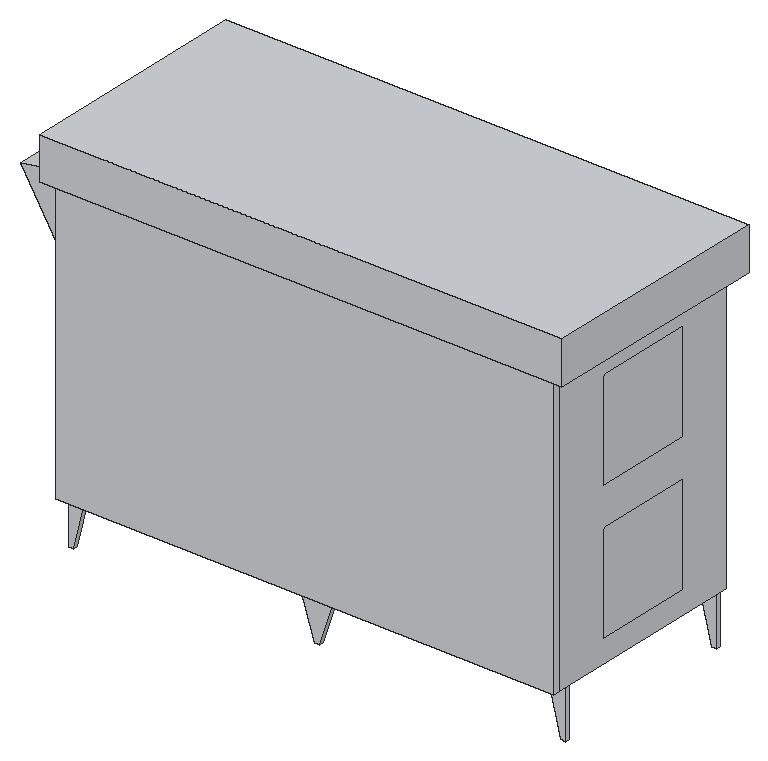
Revit family "AHU 3 _3", category Mechanické zařízení, Revit 2018
Family settings
  Kóta kulaté spojky = Použít průměr
  Typ dílu = Normální
  Číslo OmniClass = 23.75.00.00
  Nadpis OmniClass = Climate Control (HVAC)
  Založené na pracovní rovině = Ne
  Vždy vertikální = Ano
  Ořezat dutým tvarem při načtení = Ne
  Sdílené = Ne
  Bod výpočtu místnosti = Ne
Parameters (values of type "DUPLEXVENT 2500 Rotary-N")
  Width [instance] = 0.88 mm
  Weight [instance] = 361.00 kg
  URL = ""
  Type [instance] = "DUPLEXVENT 2500 Rotary-N"
  Total_SFP [instance] = 0
  Supply_outlet_hum [instance] = 90
  Supply_inlet_hum [instance] = 90
  Supply_ext_pressure [instance] = 0.0 Pa
  Supply_SFP [instance] = 0
  Source_adu_file [instance] = ""
  Recuperation_type [instance] = "Rotation regeneration exchanger"
  Recuperation_efficiency_EN308 [instance] = 0
  Project_name [instance] = ""
  Project_date [instance] = "10.8.2023"
  Power_supply_fusing [instance] = "0"
  Power_supply_cable [instance] = "0"
  Position [instance] = "AHU 3 "
  Phases_count [instance] = 1
  Panel_thickness [instance] = 0.06 mm
  Outer_surface [instance] = "RAL 9002"
  Length [instance] = 2.03 mm
  Insulation_type [instance] = "PUR"
  Insulation_thickness [instance] = 0.05 mm
  Installation_environment [instance] = ""
  Input_power_max [instance] = 1560 W
  Inner_surface [instance] = "Pozink"
  I2 [instance] = I1  # 0.0 L/s
  Height [instance] = 1.15 mm
  Exhaust_outlet_hum [instance] = 40
  Exhaust_inlet_hum [instance] = 40
  Exhaust_ext_pressure [instance] = 0.0 Pa
  Exhaust_SFP [instance] = 0
  E1 [instance] = E2 - M1  # 0.0 L/s
  E2 [instance] = 0.0 L/s
  I1 [instance] = 0.0 L/s
  Description = ""
  M1 [instance] = 0.0 L/s
  Device_dutypoint_version [instance] = "0"
  Device_design_version [instance] = "9"
  Device_adu_id [instance] = "3"
  Current_max [instance] = 7.8 A
  Casing_mat [instance] = "painted zinc layer"
  Cable type [instance] = "CYKY 3Jx2,5"
Reference planes
  plane 1 "Střed (vpředu/vzadu)": y = 0
  plane 2 "ref": z = 0
  plane 3 "Střed (vlevo/vpravo)": x = 0
Forms (mm)
  Sweep 1, solid
    path origin (0, 0, 0) x (0, 0, 1) y (1, 0, 0)
      loop
        line (0, 0) -> (1150, 0)
    profile origin (0, 0, 0) x (1, 0, 0) y (0, 1, 0)
      loop
        line (0, 0) -> (700, 0) -> (700, 850) -> (0, 850) -> (0, 0)
  Sweep 2, solid
    path origin (0, 0, 0) x (0, 0, 1) y (1, 0, 0)
      loop
        line (0, 0) -> (1150, 0)
    profile origin (0, 0, 0) x (1, 0, 0) y (0, 1, 0)
      loop
        line (700, 0) -> (1030, 0) -> (1030, 850) -> (700, 850) -> (700, 0)
  Sweep 3, solid
    path origin (0, 0, 0) x (0, 0, 1) y (1, 0, 0)
      loop
        line (0, 0) -> (1150, 0)
    profile origin (0, 0, 0) x (1, 0, 0) y (0, 1, 0)
      loop
        line (1030, 0) -> (2030, 0) -> (2030, 850) -> (1030, 850) -> (1030, 0)
  Sweep 4, solid
    path origin (0, 0, 1150) x (0, 0, 1) y (1, 0, 0)
      loop
        line (0, 0) -> (175, 0)
    profile origin (0, 0, 1150) x (1, 0, 0) y (0, 1, 0)
      loop
        line (-50, -50) -> (2080, -50) -> (2080, 900) -> (-50, 900) -> (-50, -50)
  Sweep 5, solid
    path origin (-175, 625, 855) x (1, 0, 0) y (0, 1, 0)
      loop
        line (0, 0) -> (0, -400)
    profile origin (-175, 625, 855) x (1, 0, 0) y (0, 0, 1)
      loop
        line (174, 200) -> (-175, 140) -> (35, -200) -> (175, -200) -> (174, 200)
  Sweep 6, solid
    path origin (0, 425, 855) x (0, 1, 0) y (-1, 0, 0)
      loop
        line (0, 0) -> (0, 1)
    profile origin (0, 425, 855) x (0, -1, 0) y (0, 0, 1)
      loop
        line (-200, -200) -> (200, -200) -> (200, 200) -> (-200, 200) -> (-200, -200)
  Sweep 7, solid
    path origin (2029, 425, 855) x (1, 0, 0) y (0, 1, 0)
      loop
        line (0, 0) -> (1, 0)
    profile origin (2029, 425, 855) x (0, 1, 0) y (0, 0, 1)
      loop
        line (-200, 200) -> (-200, -200) -> (200, -200) -> (200, 200) -> (-200, 200)
  Sweep 8, solid
    path origin (2029, 425, 295) x (1, 0, 0) y (0, 1, 0)
      loop
        line (0, 0) -> (1, 0)
    profile origin (2029, 425, 295) x (0, 1, 0) y (0, 0, 1)
      loop
        line (-200, 200) -> (-200, -200) -> (200, -200) -> (200, 200) -> (-200, 200)
  Sweep 9, solid
    path origin (1, 425, 295) x (0, 1, 0) y (-1, 0, 0)
      loop
        line (0, 0) -> (0, 1)
    profile origin (1, 425, 295) x (0, -1, 0) y (0, 0, 1)
      loop
        line (-200, -200) -> (200, -200) -> (200, 200) -> (-200, 200) -> (-200, -200)
  Sweep 10, solid
    path origin (0, 0, 0) x (0, 0, 1) y (1, 0, 0)
      loop
        line (0, 0) -> (1150, 0)
    profile origin (0, 0, 0) x (1, 0, 0) y (0, 1, 0)
      loop
        line (0, -30) -> (2030, -30) -> (2030, -5) -> (0, -5) -> (0, -30)
  Sweep 11, solid
    path origin (11, 48, 0) x (1, 0, 0) y (0, 1, 0)
      loop
        line (0, 0) -> (0, -15)
    profile origin (11, 48, 0) x (1, 0, 0) y (0, 0, 1)
      loop
        line (-11, 0) -> (-11, -200) -> (11, -200) -> (60, 0) -> (-11, 0)
  Sweep 12, solid
    path origin (1015, 48, 0) x (1, 0, 0) y (0, 1, 0)
      loop
        line (0, 0) -> (0, -15)
    profile origin (1015, 48, 0) x (1, 0, 0) y (0, 0, 1)
      loop
        line (-75, 0) -> (-11, -200) -> (11, -200) -> (75, 0) -> (-75, 0)
  Sweep 13, solid
    path origin (2018, 48, 0) x (1, 0, 0) y (0, 1, 0)
      loop
        line (0, 0) -> (0, -15)
    profile origin (2018, 48, 0) x (1, 0, 0) y (0, 0, 1)
      loop
        line (-60, 0) -> (-11, -200) -> (11, -200) -> (11, 0) -> (-60, 0)
  Sweep 14, solid
    path origin (11, 818, 0) x (1, 0, 0) y (0, 1, 0)
      loop
        line (0, 0) -> (0, -15)
    profile origin (11, 818, 0) x (1, 0, 0) y (0, 0, 1)
      loop
        line (-11, 0) -> (-11, -200) -> (11, -200) -> (60, 0) -> (-11, 0)
  Sweep 15, solid
    path origin (1015, 818, 0) x (1, 0, 0) y (0, 1, 0)
      loop
        line (0, 0) -> (0, -15)
    profile origin (1015, 818, 0) x (1, 0, 0) y (0, 0, 1)
      loop
        line (-75, 0) -> (-11, -200) -> (11, -200) -> (75, 0) -> (-75, 0)
  Sweep 16, solid
    path origin (2018, 818, 0) x (1, 0, 0) y (0, 1, 0)
      loop
        line (0, 0) -> (0, -15)
    profile origin (2018, 818, 0) x (1, 0, 0) y (0, 0, 1)
      loop
        line (-60, 0) -> (-11, -200) -> (11, -200) -> (11, 0) -> (-60, 0)
  Sweep 17, solid
    path origin (0, 0, 510) x (0, 0, 1) y (1, 0, 0)
      loop
        line (0, 0) -> (405, 0)
    profile origin (0, 0, 510) x (1, 0, 0) y (0, 1, 0)
      loop
        line (760, 950) -> (760, 850) -> (1065, 850) -> (1065, 950) -> (760, 950)
  Sweep 18, solid
    path origin (912, 900, 915) x (0, -1, 0) y (0, 0, 1)
      loop
        line (0, 0) -> (0, 1)
    profile origin (912, 900, 915) x (0, 1, 0) y (-1, 0, 0)
      loop
        circle (0, 0) r 10
Lines and regions (mm)
  model lines, style "Symbol"
    curve 1: line (1170, 850, 705) -> (1170, 850, 1105)
    curve 2: line (1170, 850, 1105) -> (1170, 980, 1075)
    curve 3: line (1170, 980, 1075) -> (1170, 980, 705)
    curve 4: line (1170, 980, 705) -> (1170, 850, 705)
    curve 5: line (620, 850, 705) -> (620, 850, 1105)
    curve 6: line (620, 850, 1105) -> (620, 980, 1075)
    curve 7: line (620, 980, 1075) -> (620, 980, 705)
    curve 8: line (620, 980, 705) -> (620, 850, 705)
    curve 9: line (1170, 850, 1105) -> (620, 850, 1105)
    curve 10: line (620, 850, 1105) -> (620, 980, 1075)
    curve 11: line (620, 980, 1075) -> (1170, 980, 1075)
    curve 12: line (1170, 980, 1075) -> (1170, 850, 1105)
    curve 13: line (1170, 980, 705) -> (1170, 980, 1075)
    curve 14: line (1170, 980, 1075) -> (620, 980, 1075)
    curve 15: line (620, 980, 1075) -> (620, 980, 705)
    curve 16: line (620, 980, 705) -> (1170, 980, 705)
    curve 17: line (865, -30, 0) -> (865, -30, 230)
    curve 18: line (865, -30, 1150) -> (865, -30, 920)
    curve 19: line (700, -30, 575) -> (1030, -30, 575)
    curve 20: line (0, -30, 575) -> (700, -30, 575)
    curve 21: line (2030, -30, 575) -> (1030, -30, 575)
    curve 22: line (733, -30, 58) -> (733, -30, 1093)
    curve 23: line (733, -30, 1093) -> (997, -30, 1093)
    curve 24: line (997, -30, 1093) -> (997, -30, 58)
    curve 25: line (997, -30, 58) -> (733, -30, 58)
    curve 26: line (733, -30, 575) -> (997, -30, 575)
    curve 27: line (967, -30, 468) -> (956, -30, 368)
    curve 28: line (956, -30, 368) -> (940, -30, 282)
    curve 29: line (940, -30, 282) -> (918, -30, 216)
    curve 30: line (918, -30, 216) -> (892, -30, 175)
    curve 31: line (892, -30, 175) -> (865, -30, 161)
    curve 32: line (865, -30, 161) -> (838, -30, 175)
    curve 33: line (838, -30, 175) -> (812, -30, 216)
    curve 34: line (812, -30, 216) -> (790, -30, 282)
    curve 35: line (790, -30, 282) -> (774, -30, 368)
    curve 36: line (774, -30, 368) -> (763, -30, 468)
    curve 37: line (763, -30, 468) -> (759, -30, 575)
    curve 38: line (759, -30, 575) -> (763, -30, 682)
    curve 39: line (763, -30, 682) -> (774, -30, 782)
    curve 40: line (774, -30, 782) -> (790, -30, 868)
    curve 41: line (790, -30, 868) -> (812, -30, 934)
    curve 42: line (812, -30, 934) -> (838, -30, 975)
    curve 43: line (838, -30, 975) -> (865, -30, 989)
    curve 44: line (865, -30, 989) -> (892, -30, 975)
    curve 45: line (892, -30, 975) -> (918, -30, 934)
    curve 46: line (918, -30, 934) -> (940, -30, 868)
    curve 47: line (940, -30, 868) -> (956, -30, 782)
    curve 48: line (956, -30, 782) -> (967, -30, 682)
    curve 49: line (967, -30, 682) -> (930, -30, 796)
    curve 50: line (967, -30, 682) -> (972, -30, 806)
    curve 51: line (1777, -30, 944) -> (1961, -30, 913)
    curve 52: line (1777, -30, 781) -> (1961, -30, 812)
    curve 53: line (253, -30, 206) -> (69, -30, 237)
    curve 54: line (253, -30, 369) -> (69, -30, 338)
    curve 55: line (244, -30, 690) -> (244, -30, 1035)
    curve 56: line (244, -30, 1035) -> (365, -30, 1035)
    curve 57: line (365, -30, 1035) -> (365, -30, 690)
    curve 58: line (365, -30, 690) -> (244, -30, 690)
    curve 59: line (304, -30, 690) -> (365, -30, 863)
    curve 60: line (304, -30, 1035) -> (365, -30, 863)
    curve 61: line (1786, -30, 460) -> (1786, -30, 115)
    curve 62: line (1786, -30, 115) -> (1665, -30, 115)
    curve 63: line (1665, -30, 115) -> (1665, -30, 460)
    curve 64: line (1665, -30, 460) -> (1786, -30, 460)
    curve 65: line (1726, -30, 460) -> (1665, -30, 287)
    curve 66: line (1726, -30, 115) -> (1665, -30, 287)
    curve 67: line (0, -1030, 0) -> (0, 0, 0)
    curve 68: line (2030, -1030, 0) -> (2030, 0, 0)
    curve 69: line (0, -1030, 0) -> (2030, -1030, 0)
    curve 70: line (0, -1030, 1150) -> (0, 0, 1150)
    curve 71: line (2030, -1030, 1150) -> (2030, 0, 1150)
    curve 72: line (0, -1030, 1150) -> (2030, -1030, 1150)
    curve 73: line (0, -1030, 0) -> (0, -1030, 1150)
    curve 74: line (2030, -1030, 0) -> (2030, -1030, 1150)
    curve 75: line (0, -1030, 950) -> (200, -1030, 1150)
    curve 76: line (0, -1030, 750) -> (400, -1030, 1150)
    curve 77: line (0, -1030, 550) -> (600, -1030, 1150)
    curve 78: line (0, -1030, 350) -> (800, -1030, 1150)
    curve 79: line (0, -1030, 150) -> (1000, -1030, 1150)
    curve 80: line (50, -1030, 0) -> (1200, -1030, 1150)
    curve 81: line (250, -1030, 0) -> (1400, -1030, 1150)
    curve 82: line (450, -1030, 0) -> (1600, -1030, 1150)
    curve 83: line (650, -1030, 0) -> (1800, -1030, 1150)
    curve 84: line (850, -1030, 0) -> (2000, -1030, 1150)
    curve 85: line (1050, -1030, 0) -> (2030, -1030, 980)
    curve 86: line (1250, -1030, 0) -> (2030, -1030, 780)
    curve 87: line (1450, -1030, 0) -> (2030, -1030, 580)
    curve 88: line (1650, -1030, 0) -> (2030, -1030, 380)
    curve 89: line (1850, -1030, 0) -> (2030, -1030, 180)
    curve 90: line (2030, -1030, 950) -> (2030, -830, 1150)
    curve 91: line (2030, -1030, 750) -> (2030, -630, 1150)
    curve 92: line (2030, -1030, 550) -> (2030, -430, 1150)
    curve 93: line (2030, -1030, 350) -> (2030, -230, 1150)
    curve 94: line (2030, -1030, 150) -> (2030, -30, 1150)
    curve 95: line (2030, -980, 0) -> (2030, 0, 980)
    curve 96: line (2030, -780, 0) -> (2030, 0, 780)
    curve 97: line (2030, -580, 0) -> (2030, 0, 580)
    curve 98: line (2030, -380, 0) -> (2030, 0, 380)
    curve 99: line (2030, -180, 0) -> (2030, 0, 180)
    curve 100: line (0, -830, 1150) -> (200, -1030, 1150)
    curve 101: line (0, -630, 1150) -> (400, -1030, 1150)
    curve 102: line (0, -430, 1150) -> (600, -1030, 1150)
    curve 103: line (0, -230, 1150) -> (800, -1030, 1150)
    curve 104: line (0, -30, 1150) -> (1000, -1030, 1150)
    curve 105: line (170, 0, 1150) -> (1200, -1030, 1150)
    curve 106: line (370, 0, 1150) -> (1400, -1030, 1150)
    curve 107: line (570, 0, 1150) -> (1600, -1030, 1150)
    curve 108: line (770, 0, 1150) -> (1800, -1030, 1150)
    curve 109: line (970, 0, 1150) -> (2000, -1030, 1150)
    curve 110: line (1170, 0, 1150) -> (2030, -860, 1150)
    curve 111: line (1370, 0, 1150) -> (2030, -660, 1150)
    curve 112: line (1570, 0, 1150) -> (2030, -460, 1150)
    curve 113: line (1770, 0, 1150) -> (2030, -260, 1150)
    curve 114: line (1970, 0, 1150) -> (2030, -60, 1150)
    curve 115: line (2030, 1590, 0) -> (2030, 850, 0)
    curve 116: line (0, 1590, 0) -> (0, 850, 0)
    curve 117: line (2030, 1590, 0) -> (0, 1590, 0)
    curve 118: line (2030, 1590, 1150) -> (2030, 850, 1150)
    curve 119: line (0, 1590, 1150) -> (0, 850, 1150)
    curve 120: line (2030, 1590, 1150) -> (0, 1590, 1150)
    curve 121: line (2030, 1590, 0) -> (2030, 1590, 1150)
    curve 122: line (0, 1590, 0) -> (0, 1590, 1150)
    curve 123: line (2030, 1590, 950) -> (1830, 1590, 1150)
    curve 124: line (2030, 1590, 750) -> (1630, 1590, 1150)
    curve 125: line (2030, 1590, 550) -> (1430, 1590, 1150)
    curve 126: line (2030, 1590, 350) -> (1230, 1590, 1150)
    curve 127: line (2030, 1590, 150) -> (1030, 1590, 1150)
    curve 128: line (1980, 1590, 0) -> (830, 1590, 1150)
    curve 129: line (1780, 1590, 0) -> (630, 1590, 1150)
    curve 130: line (1580, 1590, 0) -> (430, 1590, 1150)
    curve 131: line (1380, 1590, 0) -> (230, 1590, 1150)
    curve 132: line (1180, 1590, 0) -> (30, 1590, 1150)
    curve 133: line (980, 1590, 0) -> (0, 1590, 980)
    curve 134: line (780, 1590, 0) -> (0, 1590, 780)
    curve 135: line (580, 1590, 0) -> (0, 1590, 580)
    curve 136: line (380, 1590, 0) -> (0, 1590, 380)
    curve 137: line (180, 1590, 0) -> (0, 1590, 180)
    curve 138: line (0, 1590, 950) -> (0, 1390, 1150)
    curve 139: line (0, 1590, 750) -> (0, 1190, 1150)
    curve 140: line (0, 1590, 550) -> (0, 990, 1150)
    curve 141: line (0, 1590, 350) -> (0, 850, 1090)
    curve 142: line (0, 1590, 150) -> (0, 850, 890)
    curve 143: line (0, 1540, 0) -> (0, 850, 690)
    curve 144: line (0, 1340, 0) -> (0, 850, 490)
    curve 145: line (0, 1140, 0) -> (0, 850, 290)
    curve 146: line (0, 940, 0) -> (0, 850, 90)
    curve 147: line (2030, 1390, 1150) -> (1830, 1590, 1150)
    curve 148: line (2030, 1190, 1150) -> (1630, 1590, 1150)
    curve 149: line (2030, 990, 1150) -> (1430, 1590, 1150)
    curve 150: line (1970, 850, 1150) -> (1230, 1590, 1150)
    curve 151: line (1770, 850, 1150) -> (1030, 1590, 1150)
    curve 152: line (1570, 850, 1150) -> (830, 1590, 1150)
    curve 153: line (1370, 850, 1150) -> (630, 1590, 1150)
    curve 154: line (1170, 850, 1150) -> (430, 1590, 1150)
    curve 155: line (970, 850, 1150) -> (230, 1590, 1150)
    curve 156: line (770, 850, 1150) -> (30, 1590, 1150)
    curve 157: line (570, 850, 1150) -> (0, 1420, 1150)
    curve 158: line (370, 850, 1150) -> (0, 1220, 1150)
    curve 159: line (170, 850, 1150) -> (0, 1020, 1150)
    curve 160: line (0, -30, 0) -> (0, -30, 1150)
    curve 161: line (0, -30, 1150) -> (1012, -30, 1150)
    curve 162: line (1012, -30, 1150) -> (1012, -30, 0)
    curve 163: line (1012, -30, 0) -> (0, -30, 0)
    curve 164: line (1018, -30, 0) -> (1018, -30, 1150)
    curve 165: line (1018, -30, 1150) -> (2030, -30, 1150)
    curve 166: line (2030, -30, 1150) -> (2030, -30, 0)
    curve 167: line (2030, -30, 0) -> (1018, -30, 0)
    curve 168: line (0, -30, 0) -> (2030, -30, 0)
    curve 169: line (0, -30, 1150) -> (2030, -30, 1150)
    curve 170: line (0, -30, 0) -> (0, -30, 1150)
    curve 171: line (2030, -30, 0) -> (2030, -30, 1150)
    curve 172: line (0, -30, 0) -> (0, -5, 0)
    curve 173: line (2030, -30, 0) -> (2030, -5, 0)
    curve 174: line (0, -30, 1150) -> (0, -5, 1150)
    curve 175: line (2030, -30, 1150) -> (2030, -5, 1150)
    curve 176: circle (1857, -30, 863) r 115 normal (0, -1, 0)
    curve 177: circle (172, -30, 287) r 115 normal (0, -1, 0)
Dimensions and locks
  aligned and locked: level to plane 2 "ref"
Connectors
  hvac at (-1, 425, 855), driven by "E1"
    settings: on Sweep 6, index 1, duct flow 0.0 L/s, flow factor 0, pres drop 0.0 Pa, loss coef 0, conn angle 0.00°, conn width 10 mm, conn height 10 mm, conn diameter 609.6 mm, duct sys type 1, conn prof type 1, flow config 1, flow direction 1, loss method 0, conn ref index -1, conn util no, is conn primary yes, conn desc ""
  hvac at (2030, 425, 855), driven by "E2"
    settings: on Sweep 7, index 2, duct flow 0.0 L/s, flow factor 1, pres drop 0.0 Pa, loss coef 0, conn angle 0.00°, conn width 400 mm, conn height 400 mm, conn diameter 609.6 mm, duct sys type 1, conn prof type 1, flow config 2, flow direction 2, loss method 0, conn ref index -1, conn util no, is conn primary no, conn desc ""
  hvac at (2030, 425, 295), driven by "I1"
    settings: on Sweep 8, index 3, duct flow 0.0 L/s, flow factor 1, pres drop 0.0 Pa, loss coef 0, conn angle 0.00°, conn width 400 mm, conn height 400 mm, conn diameter 609.6 mm, duct sys type 3, conn prof type 1, flow config 2, flow direction 1, loss method 0, conn ref index -1, conn util no, is conn primary no, conn desc ""
  hvac at (0, 425, 295), driven by "I2"
    settings: on Sweep 9, index 4, duct flow 0.0 L/s, flow factor 0, pres drop 0.0 Pa, loss coef 0, conn angle 0.00°, conn width 400 mm, conn height 400 mm, conn diameter 609.6 mm, duct sys type 3, conn prof type 1, flow config 1, flow direction 2, loss method 0, conn ref index -1, conn util no, is conn primary no, conn desc ""
  electrical at (912, 900, 916)
    settings: on Sweep 18, index 5, voltage 230 V, apparent load 0 VA, apparent load phase1 0 VA, apparent load phase2 0 VA, apparent load phase3 0 VA, power factor 1, load classification "Další", number of poles 1, system type 31, power factor state 1, is connector primary yes, connector utility no, sub classification motor no, connector description ""
